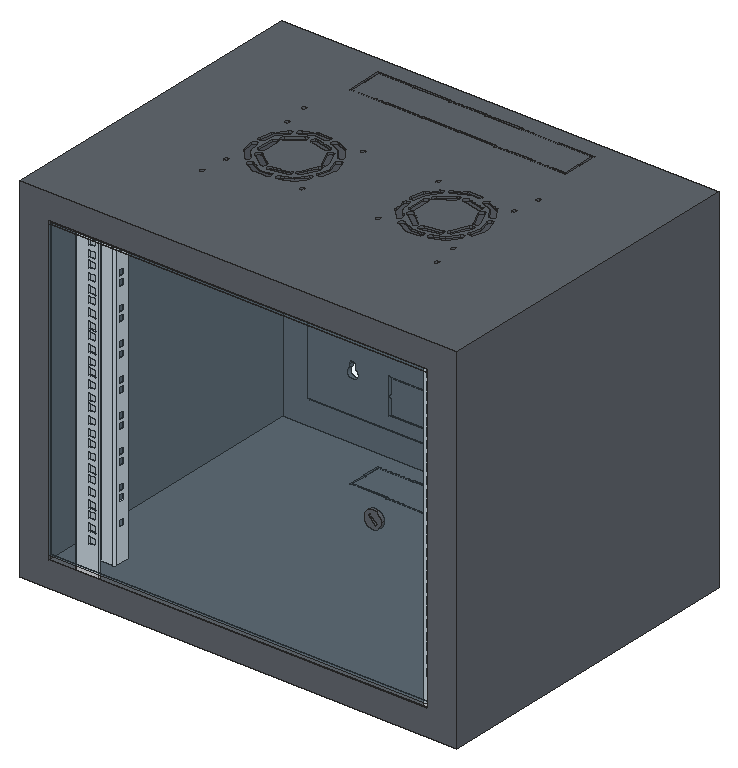
Revit family "Fix wallmount cabinets Legrand Linkeo with fix side panels", category Equipement spécialisé, Revit 2020
Family settings
  Cote de connecteur circulaire = Utiliser le diamètre
  Type d'élément = Normal
  Numéro OmniClass = 23.80.30.11.17
  Titre OmniClass = Distribution Boards and Control Panels
  Basée sur le plan de construction = Non
  Toujours verticalement = Oui
  Couper avec des vides une fois chargée = Non
  Partagée = Oui
  Point de calcul de pièce = Non
Parameters (values of type "Fix wallmount cabinet Legrand Linkeo with fix side panels 9U W600 D450 646201.rfa")
  Y fixation = 286.00 mm
  X fixation = 400.00 mm
  With sidewall = yes
  With roof plate = yes
  With earthing = yes
  Usable width (mm) = 526.00 mm
  Usable height (mm) = 422.00 mm
  Type of ventilation = "Passive"
  Type of surface = "Powder coating"
  Type of profile rail = "L-shaped"
  Rack location = 40.00 mm
  RAL Number = "7016"
  Number of height units = 9
  Number of doors = "1"
  Mounting level = "Front side"
  Modular spacing = "482.6 mm (19 inches)"
  Model = "With permanent frame"
  Max load capacity = "27"
  Material = "Steel"
  Legrand part number = "646201"
  Function = "Fix wallmount cabinets Linkeo Legrand"
  Fabricant = "Legrand"  # constant formula
  E-catalogue link = "https://www.legrand.fr/reference/646201/pro"
  Depth (mm) = 454.00 mm
  Width (mm) = 605.00 mm
  Height (mm) = 492.00 mm
  Thickness (mm) = 1.50 mm
  Elévation par défaut = 0.00 mm
  EAN = "3414970967787"
  Demountable = yes
  Degree of protection IP = "IP20"
  Degree of protection IK = "IK08"
  Color = grey
  BIM wording = "Fix wallmount cabinet Legrand Linkeo with fix side panels 9U W600 D450 646201.rfa"
  Avec porte frontale = yes
  Application class = "Network cabinets"
Reference planes
  plane 1 "Centre (avant/arrière)": y = 0
  plane 2: z = 0
  plane 3 "Centre (gauche/droite)": x = 0
  plane 4: x = 605
  plane 5: z = 492
  plane 6: y = -454
  plane 7: x = 39.5
  plane 8: x = 565.5
  plane 9: x = 302.5
  plane 10: z = 457
  plane 11: z = 35
  plane 12: z = 246
  plane 13: y = -452
  plane 14: x = 302.5
  plane 15: y = -444.5
  plane 16: y = 455.094
  plane 17: x = 1428.928
  plane 18: z = -485.313
  plane 19: x = 2466.566
  plane 20: z = 246
  plane 21: x = 302.5
  plane 22: z = 103
  plane 23: z = 389
  plane 24: x = 502.5
  plane 25: x = 102.5
  plane 26: x = 302.5
  plane 27: y = -414
  plane 28: x = 528
  plane 29: y = -412.5
  plane 30: x = 559.5
  plane 31: x = 561
  plane 32: y = -373.5
  plane 33: y = -372
  plane 34: x = 537.5
  plane 35: x = 539
  plane 36: y = -352
  plane 37: z = 46.65
  plane 38: z = 56.15
  plane 39: x = 531.5
  plane 40: x = 541
  plane 41: z = 78.4
  plane 42: z = 87.9
  plane 43: y = -358.486
  plane 44: y = -367.986
  plane 45: z = 72.03
  plane 46: z = 62.53
  plane 47: x = 77
  plane 48: y = -412.5
  plane 49: y = -373.5
  plane 50: y = -372
  plane 51: x = 67.5
  plane 52: x = 66
  plane 53: y = -352
  plane 54: z = 40
  plane 55: z = 427
  plane 56: z = 246
  plane 57: y = -454
  plane 58: y = -225
Forms (mm)
  Extrusion 1, solid, material "grey" <- "Color"
    sketch origin (0, 0, 0) x (0, 1, 0) y (0, 0, 1)
      loop
        line (-454, 0) -> (0, 0) -> (0, 492) -> (-454, 492) -> (-454, 0)
    from 0 to 605
  Extrusion 2, void
    sketch origin (0, 0, 0) x (1, 0, 0) y (0, 0, 1)
      loop
        line (2, 490) -> (2, 2) -> (603, 2) -> (603, 490) -> (2, 490)
    from 2 to 452
  Extrusion 3, void
    sketch origin (0, 0, 0) x (1, 0, 0) y (0, 0, 1)
      loop
        line (39.5, 457) -> (39.5, 35) -> (565.5, 35) -> (565.5, 457) -> (39.5, 457)
    from 0 to 454
  Extrusion 4, solid, material "Verre"
    sketch origin (0, 0, 0) x (1, 0, 0) y (0, 0, 1)
      loop
        line (39.5, 40) -> (565.5, 40) -> (565.5, 452) -> (39.5, 452) -> (39.5, 40)
    from 449 to 454
  Extrusion 5, solid, material "grey" <- "Color"
    sketch origin (0, 0, 0) x (1, 0, 0) y (0, 0, 1)
      loop
        line (39.5, 452) -> (39.5, 40) -> (565.5, 40) -> (565.5, 452) -> (39.5, 452)
    from 0 to 5
  Extrusion 6, void
    sketch origin (-365.695, -1524, 492) x (0, -1, 0) y (-1, 0, 0)
      loop
        line (-1346.24, -534.853) -> (-1354.081, -549.371)
        arc (-1354.081, -549.371) -> (-1354.476, -550.408) -> (-1354.589, -551.511) r 4.25
        line (-1354.589, -551.511) -> (-1354.121, -568.003)
        arc (-1354.121, -568.003) -> (-1349.753, -572.132) -> (-1345.624, -567.763) r 4.25
        line (-1345.624, -567.763) -> (-1346.061, -552.408) -> (-1338.76, -538.89)
        arc (-1338.76, -538.89) -> (-1340.482, -533.132) -> (-1346.24, -534.853) r 4.25
      loop
        line (-1350.631, -582.413) -> (-1344.17, -597.593)
        arc (-1344.17, -597.593) -> (-1343.605, -598.55) -> (-1342.813, -599.327) r 4.25
        line (-1342.813, -599.327) -> (-1329.627, -609.243)
        arc (-1329.627, -609.243) -> (-1323.675, -608.402) -> (-1324.517, -602.45) r 4.25
        line (-1324.517, -602.45) -> (-1336.794, -593.218) -> (-1342.809, -579.087)
        arc (-1342.809, -579.087) -> (-1348.384, -576.837) -> (-1350.631, -582.413) r 4.25
      loop
        line (-1341.896, -561.222) -> (-1336.745, -583.429)
        arc (-1336.745, -583.429) -> (-1331.646, -586.613) -> (-1328.465, -581.512) r 4.25
        line (-1328.465, -581.512) -> (-1333.616, -559.301)
        arc (-1333.616, -559.301) -> (-1338.716, -556.121) -> (-1341.896, -561.222) r 4.25
      loop
        line (-1327.307, -595.457) -> (-1306.733, -605.276)
        arc (-1306.733, -605.276) -> (-1301.063, -603.272) -> (-1303.074, -597.604) r 4.25
        line (-1303.074, -597.604) -> (-1323.645, -587.786)
        arc (-1323.645, -587.786) -> (-1329.312, -589.791) -> (-1327.307, -595.457) r 4.25
      loop
        line (-1299.11, -611.418) -> (-1313.912, -607.309)
        arc (-1313.912, -607.309) -> (-1319.143, -610.266) -> (-1316.188, -615.498) r 4.25
        line (-1316.188, -615.498) -> (-1300.284, -619.913)
        arc (-1300.284, -619.913) -> (-1299.188, -620.067) -> (-1298.089, -619.933) r 4.25
        line (-1298.089, -619.933) -> (-1282.111, -615.805)
        arc (-1282.111, -615.805) -> (-1279.059, -610.627) -> (-1284.237, -607.575) r 4.25
        line (-1284.237, -607.575) -> (-1299.11, -611.418)
      loop
        line (-1291.444, -605.396) -> (-1270.941, -595.434)
        arc (-1270.941, -595.434) -> (-1268.972, -589.752) -> (-1274.657, -587.789) r 4.25
        line (-1274.657, -587.789) -> (-1295.159, -597.751)
        arc (-1295.159, -597.751) -> (-1297.124, -603.431) -> (-1291.444, -605.396) r 4.25
      loop
        line (-1254.09, -597.811) -> (-1247.356, -582.747)
        arc (-1247.356, -582.747) -> (-1249.504, -577.132) -> (-1255.118, -579.283) r 4.25
        line (-1255.118, -579.283) -> (-1261.385, -593.302) -> (-1273.826, -602.313)
        arc (-1273.826, -602.313) -> (-1274.775, -608.248) -> (-1268.84, -609.197) r 4.25
        line (-1268.84, -609.197) -> (-1255.481, -599.522)
        arc (-1255.481, -599.522) -> (-1254.673, -598.758) -> (-1254.09, -597.811) r 4.25
      loop
        line (-1261.313, -583.55) -> (-1256.318, -561.312)
        arc (-1256.318, -561.312) -> (-1259.533, -556.231) -> (-1264.612, -559.448) r 4.25
        line (-1264.612, -559.448) -> (-1269.607, -581.692)
        arc (-1269.607, -581.692) -> (-1266.389, -586.771) -> (-1261.313, -583.55) r 4.25
      loop
        line (-1252.027, -552.513) -> (-1252.74, -567.863)
        arc (-1252.74, -567.863) -> (-1248.689, -572.301) -> (-1244.249, -568.252) r 4.25
        line (-1244.249, -568.252) -> (-1243.484, -551.774)
        arc (-1243.484, -551.774) -> (-1243.577, -550.666) -> (-1243.954, -549.621) r 4.25
        line (-1243.954, -549.621) -> (-1251.533, -534.964)
        arc (-1251.533, -534.964) -> (-1257.262, -533.142) -> (-1259.081, -538.873) r 4.25
        line (-1259.081, -538.873) -> (-1252.027, -552.513)
      loop
        line (-1259.602, -546.382) -> (-1273.877, -528.609)
        arc (-1273.877, -528.609) -> (-1279.854, -527.949) -> (-1280.509, -533.927) r 4.25
        line (-1280.509, -533.927) -> (-1266.233, -551.699)
        arc (-1266.233, -551.699) -> (-1260.258, -552.357) -> (-1259.602, -546.382) r 4.25
      loop
        line (-1260.928, -523.497) -> (-1273.333, -512.626)
        arc (-1273.333, -512.626) -> (-1274.254, -512.009) -> (-1275.303, -511.652) r 4.25
        line (-1275.303, -511.652) -> (-1291.501, -508.436)
        arc (-1291.501, -508.436) -> (-1296.493, -511.785) -> (-1293.143, -516.776) r 4.25
        line (-1293.143, -516.776) -> (-1278.083, -519.766) -> (-1266.53, -529.89)
        arc (-1266.53, -529.89) -> (-1260.533, -529.494) -> (-1260.928, -523.497) r 4.25
      loop
        line (-1306.324, -508.634) -> (-1322.558, -511.555)
        arc (-1322.558, -511.555) -> (-1323.615, -511.892) -> (-1324.548, -512.492) r 4.25
        line (-1324.548, -512.492) -> (-1337.151, -523.142)
        arc (-1337.151, -523.142) -> (-1337.654, -529.131) -> (-1331.665, -529.634) r 4.25
        line (-1331.665, -529.634) -> (-1319.932, -519.719) -> (-1304.811, -516.998)
        arc (-1304.811, -516.998) -> (-1301.384, -512.059) -> (-1306.324, -508.634) r 4.25
      loop
        line (-1287.602, -521.865) -> (-1310.399, -521.944)
        arc (-1310.399, -521.944) -> (-1314.637, -526.21) -> (-1310.367, -530.444) r 4.25
        line (-1310.367, -530.444) -> (-1287.573, -530.365)
        arc (-1287.573, -530.365) -> (-1283.338, -526.1) -> (-1287.602, -521.865) r 4.25
      loop
        line (-1324.228, -528.473) -> (-1338.379, -546.345)
        arc (-1338.379, -546.345) -> (-1337.685, -552.316) -> (-1331.715, -551.622) r 4.25
        line (-1331.715, -551.622) -> (-1317.562, -533.747)
        arc (-1317.562, -533.747) -> (-1318.257, -527.775) -> (-1324.228, -528.473) r 4.25
      loop
        line (-1243.954, -759.621) -> (-1251.533, -744.964)
        arc (-1251.533, -744.964) -> (-1257.262, -743.142) -> (-1259.081, -748.873) r 4.25
        line (-1259.081, -748.873) -> (-1252.027, -762.513) -> (-1252.74, -777.862)
        arc (-1252.74, -777.862) -> (-1248.689, -782.301) -> (-1244.249, -778.252) r 4.25
        line (-1244.249, -778.252) -> (-1243.484, -761.774)
        arc (-1243.484, -761.774) -> (-1243.577, -760.666) -> (-1243.954, -759.621) r 4.25
      loop
        line (-1254.09, -807.811) -> (-1247.356, -792.747)
        arc (-1247.356, -792.747) -> (-1249.504, -787.132) -> (-1255.118, -789.283) r 4.25
        line (-1255.118, -789.283) -> (-1261.385, -803.302) -> (-1273.826, -812.313)
        arc (-1273.826, -812.313) -> (-1274.775, -818.248) -> (-1268.84, -819.197) r 4.25
        line (-1268.84, -819.197) -> (-1255.477, -809.519)
        arc (-1255.477, -809.519) -> (-1254.671, -808.756) -> (-1254.09, -807.811) r 4.25
      loop
        line (-1284.233, -817.574) -> (-1299.11, -821.418) -> (-1313.912, -817.309)
        arc (-1313.912, -817.309) -> (-1319.143, -820.264) -> (-1316.191, -825.498) r 4.25
        line (-1316.191, -825.498) -> (-1300.294, -829.911)
        arc (-1300.294, -829.911) -> (-1299.194, -830.067) -> (-1298.092, -829.934) r 4.25
        line (-1298.092, -829.934) -> (-1282.107, -825.804)
        arc (-1282.107, -825.804) -> (-1279.059, -820.627) -> (-1284.233, -817.574) r 4.25
      loop
        line (-1324.517, -812.45) -> (-1336.794, -803.218) -> (-1342.809, -789.087)
        arc (-1342.809, -789.087) -> (-1348.384, -786.837) -> (-1350.631, -792.413) r 4.25
        line (-1350.631, -792.413) -> (-1344.169, -807.595)
        arc (-1344.169, -807.595) -> (-1343.605, -808.55) -> (-1342.813, -809.327) r 4.25
        line (-1342.813, -809.327) -> (-1329.625, -819.244)
        arc (-1329.625, -819.244) -> (-1323.674, -818.401) -> (-1324.517, -812.45) r 4.25
      loop
        line (-1349.126, -777.863) -> (-1349.39, -768.573) -> (-1338.761, -748.892)
        arc (-1338.761, -748.892) -> (-1340.48, -743.134) -> (-1346.238, -744.85) r 4.25
        line (-1346.238, -744.85) -> (-1354.082, -759.373)
        arc (-1354.082, -759.373) -> (-1354.476, -760.409) -> (-1354.589, -761.511) r 4.25
        line (-1354.589, -761.511) -> (-1354.121, -778.002)
        arc (-1354.121, -778.002) -> (-1351.554, -780.431) -> (-1349.126, -777.863) r 2.498
      loop
        line (-1331.662, -739.632) -> (-1319.932, -729.719) -> (-1304.813, -726.999)
        arc (-1304.813, -726.999) -> (-1301.383, -722.064) -> (-1306.316, -718.632) r 4.25
        line (-1306.316, -718.632) -> (-1322.555, -721.554)
        arc (-1322.555, -721.554) -> (-1323.613, -721.891) -> (-1324.548, -722.492) r 4.25
        line (-1324.548, -722.492) -> (-1337.149, -733.14)
        arc (-1337.149, -733.14) -> (-1337.654, -739.131) -> (-1331.662, -739.632) r 4.25
      loop
        line (-1293.15, -726.774) -> (-1278.083, -729.766) -> (-1266.527, -739.892)
        arc (-1266.527, -739.892) -> (-1260.532, -739.493) -> (-1260.928, -733.497) r 4.25
        line (-1260.928, -733.497) -> (-1273.335, -722.625)
        arc (-1273.335, -722.625) -> (-1274.257, -722.008) -> (-1275.308, -721.651) r 4.25
        line (-1275.308, -721.651) -> (-1291.495, -718.437)
        arc (-1291.495, -718.437) -> (-1296.491, -721.778) -> (-1293.15, -726.774) r 4.25
      loop
        line (-1280.509, -743.927) -> (-1266.233, -761.7)
        arc (-1266.233, -761.7) -> (-1260.259, -762.357) -> (-1259.602, -756.382) r 4.25
        line (-1259.602, -756.382) -> (-1273.879, -738.607)
        arc (-1273.879, -738.607) -> (-1279.855, -737.95) -> (-1280.509, -743.927) r 4.25
      loop
        line (-1264.612, -769.449) -> (-1269.607, -791.692)
        arc (-1269.607, -791.692) -> (-1266.389, -796.771) -> (-1261.313, -793.55) r 4.25
        line (-1261.313, -793.55) -> (-1256.318, -771.312)
        arc (-1256.318, -771.312) -> (-1259.533, -766.231) -> (-1264.612, -769.449) r 4.25
      loop
        line (-1274.657, -797.789) -> (-1295.165, -807.754)
        arc (-1295.165, -807.754) -> (-1297.123, -813.434) -> (-1291.444, -815.396) r 4.25
        line (-1291.444, -815.396) -> (-1270.937, -805.432)
        arc (-1270.937, -805.432) -> (-1268.973, -799.749) -> (-1274.657, -797.789) r 4.25
      loop
        line (-1287.602, -731.865) -> (-1310.398, -731.944)
        arc (-1310.398, -731.944) -> (-1314.637, -736.209) -> (-1310.368, -740.444) r 4.25
        line (-1310.368, -740.444) -> (-1287.573, -740.365)
        arc (-1287.573, -740.365) -> (-1283.338, -736.1) -> (-1287.602, -731.865) r 4.25
      loop
        line (-1324.229, -738.474) -> (-1338.379, -756.345)
        arc (-1338.379, -756.345) -> (-1337.685, -762.316) -> (-1331.715, -761.622) r 4.25
        line (-1331.715, -761.622) -> (-1317.562, -743.746)
        arc (-1317.562, -743.746) -> (-1318.257, -737.775) -> (-1324.229, -738.474) r 4.25
      loop
        line (-1341.896, -771.222) -> (-1336.746, -793.428)
        arc (-1336.746, -793.428) -> (-1331.647, -796.613) -> (-1328.465, -791.512) r 4.25
        line (-1328.465, -791.512) -> (-1333.616, -769.301)
        arc (-1333.616, -769.301) -> (-1338.716, -766.121) -> (-1341.896, -771.222) r 4.25
      loop
        line (-1327.307, -805.457) -> (-1306.732, -815.277)
        arc (-1306.732, -815.277) -> (-1301.064, -813.274) -> (-1303.069, -807.607) r 4.25
        line (-1303.069, -807.607) -> (-1323.639, -797.789)
        arc (-1323.639, -797.789) -> (-1329.31, -799.788) -> (-1327.307, -805.457) r 4.25
      loop
        circle (-1387.055, -505.695) r 2.75
      loop
        circle (-1351.557, -510.693) r 2.75
      loop
        circle (-1246.556, -510.693) r 2.75
      loop
        circle (-1211.055, -505.695) r 2.75
      loop
        circle (-1246.555, -615.695) r 2.75
      loop
        circle (-1351.555, -615.695) r 2.75
      loop
        circle (-1351.557, -720.693) r 2.75
      loop
        circle (-1246.555, -720.695) r 2.75
      loop
        circle (-1246.555, -825.695) r 2.75
      loop
        circle (-1211.055, -830.695) r 2.75
      loop
        circle (-1351.555, -825.695) r 2.75
      loop
        circle (-1387.055, -830.695) r 2.75
    from 0 to 2
  Extrusion 7, void
    sketch origin (0, 0, 492) x (1, 0, 0) y (0, -1, 0)
      loop
        line (152.5, 24) -> (201.75, 24) -> (201.75, 27) -> (155.5, 27) -> (155.5, 48.25) -> (152.5, 48.25) -> (152.5, 24)
      loop
        line (452.5, 49.75) -> (452.5, 74) -> (403.25, 74) -> (403.25, 71) -> (449.5, 71) -> (449.5, 49.75) -> (452.5, 49.75)
      loop
        line (403.25, 24) -> (452.5, 24) -> (452.5, 48.25) -> (449.5, 48.25) -> (449.5, 27) -> (403.25, 27) -> (403.25, 24)
      loop
        line (203.25, 71) -> (251.75, 71) -> (251.75, 74) -> (203.25, 74) -> (203.25, 71)
      loop
        line (152.5, 49.75) -> (155.5, 49.75) -> (155.5, 71) -> (201.75, 71) -> (201.75, 74) -> (152.5, 74) -> (152.5, 49.75)
      loop
        line (253.25, 74) -> (253.25, 71) -> (301.75, 71) -> (301.75, 74) -> (253.25, 74)
      loop
        line (351.75, 71) -> (351.75, 74) -> (303.25, 74) -> (303.25, 71) -> (351.75, 71)
      loop
        line (353.25, 74) -> (353.25, 71) -> (401.75, 71) -> (401.75, 74) -> (353.25, 74)
      loop
        line (351.75, 27) -> (303.25, 27) -> (303.25, 24) -> (351.75, 24) -> (351.75, 27)
      loop
        line (353.25, 27) -> (353.25, 24) -> (401.75, 24) -> (401.75, 27) -> (353.25, 27)
      loop
        line (251.75, 27) -> (203.25, 27) -> (203.25, 24) -> (251.75, 24) -> (251.75, 27)
      loop
        line (253.25, 27) -> (253.25, 24) -> (301.75, 24) -> (301.75, 27) -> (253.25, 27)
    from 0 to 2
  Extrusion 8, void
    sketch origin (0, -150, 0) x (1, 0, 0) y (0, 1, 0)
      loop
        line (152.5, 126) -> (152.5, 101.75) -> (155.5, 101.75) -> (155.5, 123) -> (201.75, 123) -> (201.75, 126) -> (152.5, 126)
      loop
        line (452.5, 100.25) -> (449.5, 100.25) -> (449.5, 79) -> (403.25, 79) -> (403.25, 76) -> (452.5, 76) -> (452.5, 100.25)
      loop
        line (403.25, 126) -> (403.25, 123) -> (449.5, 123) -> (449.5, 101.75) -> (452.5, 101.75) -> (452.5, 126) -> (403.25, 126)
      loop
        line (203.25, 79) -> (203.25, 76) -> (251.75, 76) -> (251.75, 79) -> (203.25, 79)
      loop
        line (152.5, 100.25) -> (152.5, 76) -> (201.75, 76) -> (201.75, 79) -> (155.5, 79) -> (155.5, 100.25) -> (152.5, 100.25)
      loop
        line (253.25, 76) -> (301.75, 76) -> (301.75, 79) -> (253.25, 79) -> (253.25, 76)
      loop
        line (351.75, 79) -> (303.25, 79) -> (303.25, 76) -> (351.75, 76) -> (351.75, 79)
      loop
        line (353.25, 76) -> (401.75, 76) -> (401.75, 79) -> (353.25, 79) -> (353.25, 76)
      loop
        line (351.75, 123) -> (351.75, 126) -> (303.25, 126) -> (303.25, 123) -> (351.75, 123)
      loop
        line (353.25, 123) -> (401.75, 123) -> (401.75, 126) -> (353.25, 126) -> (353.25, 123)
      loop
        line (251.75, 123) -> (251.75, 126) -> (203.25, 126) -> (203.25, 123) -> (251.75, 123)
      loop
        line (253.25, 123) -> (301.75, 123) -> (301.75, 126) -> (253.25, 126) -> (253.25, 123)
    from 0 to 2
  Extrusion 9, void
    sketch origin (0, 0, 0) x (1, 0, 0) y (0, 0, 1)
      loop
        line (106.751, 383.931) -> (106.751, 389)
        arc (106.751, 389) -> (102.5, 393.251) -> (98.249, 389) r 4.251
        line (98.249, 389) -> (98.249, 383.931)
        arc (98.249, 383.931) -> (102.5, 370.252) -> (106.751, 383.931) r 7.5
      loop
        line (506.751, 383.931) -> (506.751, 389)
        arc (506.751, 389) -> (502.5, 393.251) -> (498.249, 389) r 4.251
        line (498.249, 389) -> (498.249, 383.931)
        arc (498.249, 383.931) -> (502.5, 370.252) -> (506.751, 383.931) r 7.5
    from -12.009 to 5
  Extrusion 10, solid
    sketch origin (603, 0, 2) x (-1, 0, 0) y (0, -1, 0)
      loop
        line (75, 412.5) -> (75, 414) -> (45, 414)
        arc (45, 414) -> (42.879, 413.121) -> (42, 411) r 3
        line (42, 411) -> (42, 375)
        arc (42, 375) -> (42.879, 372.879) -> (45, 372) r 3
        line (45, 372) -> (62.5, 372)
        arc (62.5, 372) -> (63.561, 371.561) -> (64, 370.5) r 1.5
        line (64, 370.5) -> (64, 352) -> (65.5, 352) -> (65.5, 370.5)
        arc (65.5, 370.5) -> (64.621, 372.621) -> (62.5, 373.5) r 3
        line (62.5, 373.5) -> (45, 373.5)
        arc (45, 373.5) -> (43.939, 373.939) -> (43.5, 375) r 1.5
        line (43.5, 375) -> (43.5, 411)
        arc (43.5, 411) -> (43.939, 412.061) -> (45, 412.5) r 1.5
        line (45, 412.5) -> (75, 412.5)
    from 0 to 488
  Extrusion 11, void
    sketch origin (528, -414, 2) x (-1, 0, 0) y (0, 0, 1)
      loop
        line (-3.5, 44.65) -> (-3.5, 54.15) -> (-13, 54.15) -> (-13, 44.65) -> (-3.5, 44.65)
      loop
        line (-3.5, 76.4) -> (-3.5, 85.9) -> (-13, 85.9) -> (-13, 76.4) -> (-3.5, 76.4)
    from 0 to 1.5
  Extrusion 12, void
    sketch origin (528, -414, 2) x (-1, 0, 0) y (0, 0, 1)
      loop
        line (-3.5, 60.53) -> (-3.5, 70.03) -> (-13, 70.03) -> (-13, 60.53) -> (-3.5, 60.53)
    from 0 to 1.5
  Extrusion 13, solid
    sketch origin (13.243, 0, 2) x (1, 0, 0) y (0, 1, 0)
      loop
        line (63.757, -412.5) -> (33.757, -412.5)
        arc (33.757, -412.5) -> (32.697, -412.061) -> (32.257, -411) r 1.5
        line (32.257, -411) -> (32.257, -375)
        arc (32.257, -375) -> (32.697, -373.939) -> (33.757, -373.5) r 1.5
        line (33.757, -373.5) -> (51.257, -373.5)
        arc (51.257, -373.5) -> (53.379, -372.621) -> (54.257, -370.5) r 3
        line (54.257, -370.5) -> (54.257, -352) -> (52.757, -352) -> (52.757, -370.5)
        arc (52.757, -370.5) -> (52.318, -371.561) -> (51.257, -372) r 1.5
        line (51.257, -372) -> (33.757, -372)
        arc (33.757, -372) -> (31.636, -372.879) -> (30.757, -375) r 3
        line (30.757, -375) -> (30.757, -411)
        arc (30.757, -411) -> (31.636, -413.121) -> (33.757, -414) r 3
        line (33.757, -414) -> (63.757, -414) -> (63.757, -412.5)
    from 0 to 488
  Extrusion 14, void, not visible
    sketch origin (0, 0, 94.83) x (0, 0, -1) y (1, 0, 0)
      loop
        line (-56.37, 452.5) -> (-80.62, 452.5) -> (-80.62, 449.5) -> (-59.37, 449.5) -> (-59.37, 403.25) -> (-56.37, 403.25) -> (-56.37, 452.5)
      loop
        line (-106.37, 403.25) -> (-103.37, 403.25) -> (-103.37, 449.5) -> (-82.12, 449.5) -> (-82.12, 452.5) -> (-106.37, 452.5) -> (-106.37, 403.25)
      loop
        line (-106.37, 401.75) -> (-106.37, 353.25) -> (-103.37, 353.25) -> (-103.37, 401.75) -> (-106.37, 401.75)
      loop
        line (-106.37, 351.75) -> (-106.37, 303.25) -> (-103.37, 303.25) -> (-103.37, 351.75) -> (-106.37, 351.75)
      loop
        line (-106.37, 301.75) -> (-106.37, 253.25) -> (-103.37, 253.25) -> (-103.37, 301.75) -> (-106.37, 301.75)
      loop
        line (-106.37, 251.75) -> (-106.37, 203.25) -> (-103.37, 203.25) -> (-103.37, 251.75) -> (-106.37, 251.75)
      loop
        line (-106.37, 201.75) -> (-106.37, 152.5) -> (-82.12, 152.5) -> (-82.12, 155.5) -> (-103.37, 155.5) -> (-103.37, 201.75) -> (-106.37, 201.75)
      loop
        line (-80.62, 152.5) -> (-56.37, 152.5) -> (-56.37, 201.75) -> (-59.37, 201.75) -> (-59.37, 155.5) -> (-80.62, 155.5) -> (-80.62, 152.5)
      loop
        line (-56.37, 203.25) -> (-56.37, 251.75) -> (-59.37, 251.75) -> (-59.37, 203.25) -> (-56.37, 203.25)
      loop
        line (-56.37, 253.25) -> (-56.37, 301.75) -> (-59.37, 301.75) -> (-59.37, 253.25) -> (-56.37, 253.25)
      loop
        line (-56.37, 351.75) -> (-59.37, 351.75) -> (-59.37, 303.25) -> (-56.37, 303.25) -> (-56.37, 351.75)
      loop
        line (-56.37, 353.25) -> (-56.37, 401.75) -> (-59.37, 401.75) -> (-59.37, 353.25) -> (-56.37, 353.25)
    from 0 to 5
  Extrusion 15, void
    sketch origin (0, 0, -152) x (1, 0, 0) y (0, 0, 1)
      loop
        line (106.751, 249.931) -> (106.751, 255)
        arc (106.751, 255) -> (102.5, 259.251) -> (98.249, 255) r 4.251
        line (98.249, 255) -> (98.249, 249.931)
        arc (98.249, 249.931) -> (102.5, 236.252) -> (106.751, 249.931) r 7.5
      loop
        line (506.751, 249.931) -> (506.751, 255)
        arc (506.751, 255) -> (502.5, 259.251) -> (498.249, 255) r 4.251
        line (498.249, 255) -> (498.249, 249.931)
        arc (498.249, 249.931) -> (502.5, 236.252) -> (506.751, 249.931) r 7.5
    from -12.009 to 5
  Extrusion 16, void
    sketch origin (60.5, -414, 2) x (-1, 0, 0) y (0, 0, 1)
      loop
        line (-3.5, 44.65) -> (-3.5, 54.15) -> (-13, 54.15) -> (-13, 44.65) -> (-3.5, 44.65)
      loop
        line (-3.5, 76.4) -> (-3.5, 85.9) -> (-13, 85.9) -> (-13, 76.4) -> (-3.5, 76.4)
    from 0 to 1.5
  Extrusion 17, void
    sketch origin (60.5, -414, 2) x (-1, 0, 0) y (0, 0, 1)
      loop
        line (-3.5, 60.53) -> (-3.5, 70.03) -> (-13, 70.03) -> (-13, 60.53) -> (-3.5, 60.53)
    from 0 to 1.5
  Extrusion 18, void, not visible
    sketch origin (528, -414, 2) x (-1, 0, 0) y (0, 0, 1)
      loop
        line (-3.5, 44.65) -> (-3.5, 54.15) -> (-13, 54.15) -> (-13, 44.65) -> (-3.5, 44.65)
      loop
        line (-3.5, 76.4) -> (-3.5, 85.9) -> (-13, 85.9) -> (-13, 76.4) -> (-3.5, 76.4)
    from 0 to 1.5
  Extrusion 19, void, not visible
    sketch origin (528, -414, 2) x (-1, 0, 0) y (0, 0, 1)
      loop
        line (-3.5, 60.53) -> (-3.5, 70.03) -> (-13, 70.03) -> (-13, 60.53) -> (-3.5, 60.53)
    from 0 to 1.5
  Extrusion 20, void
    sketch origin (528, -414, 46.45) x (-1, 0, 0) y (0, 0, 1)
      loop
        line (-3.5, 44.65) -> (-3.5, 54.15) -> (-13, 54.15) -> (-13, 44.65) -> (-3.5, 44.65)
      loop
        line (-3.5, 76.4) -> (-3.5, 85.9) -> (-13, 85.9) -> (-13, 76.4) -> (-3.5, 76.4)
    from 0 to 1.5
  Extrusion 21, void
    sketch origin (528, -414, 46.45) x (-1, 0, 0) y (0, 0, 1)
      loop
        line (-3.5, 60.53) -> (-3.5, 70.03) -> (-13, 70.03) -> (-13, 60.53) -> (-3.5, 60.53)
    from 0 to 1.5
  Extrusion 22, void
    sketch origin (60.5, -414, 46.45) x (-1, 0, 0) y (0, 0, 1)
      loop
        line (-3.5, 44.65) -> (-3.5, 54.15) -> (-13, 54.15) -> (-13, 44.65) -> (-3.5, 44.65)
      loop
        line (-3.5, 76.4) -> (-3.5, 85.9) -> (-13, 85.9) -> (-13, 76.4) -> (-3.5, 76.4)
    from 0 to 1.5
  Extrusion 23, void
    sketch origin (60.5, -414, 46.45) x (-1, 0, 0) y (0, 0, 1)
      loop
        line (-3.5, 60.53) -> (-3.5, 70.03) -> (-13, 70.03) -> (-13, 60.53) -> (-3.5, 60.53)
    from 0 to 1.5
  Extrusion 24, void
    sketch origin (528, -414, 90.9) x (-1, 0, 0) y (0, 0, 1)
      loop
        line (-3.5, 44.65) -> (-3.5, 54.15) -> (-13, 54.15) -> (-13, 44.65) -> (-3.5, 44.65)
      loop
        line (-3.5, 76.4) -> (-3.5, 85.9) -> (-13, 85.9) -> (-13, 76.4) -> (-3.5, 76.4)
    from 0 to 1.5
  Extrusion 25, void
    sketch origin (528, -414, 90.9) x (-1, 0, 0) y (0, 0, 1)
      loop
        line (-3.5, 60.53) -> (-3.5, 70.03) -> (-13, 70.03) -> (-13, 60.53) -> (-3.5, 60.53)
    from 0 to 1.5
  Extrusion 26, void
    sketch origin (60.5, -414, 90.9) x (-1, 0, 0) y (0, 0, 1)
      loop
        line (-3.5, 44.65) -> (-3.5, 54.15) -> (-13, 54.15) -> (-13, 44.65) -> (-3.5, 44.65)
      loop
        line (-3.5, 76.4) -> (-3.5, 85.9) -> (-13, 85.9) -> (-13, 76.4) -> (-3.5, 76.4)
    from 0 to 1.5
  Extrusion 27, void
    sketch origin (60.5, -414, 90.9) x (-1, 0, 0) y (0, 0, 1)
      loop
        line (-3.5, 60.53) -> (-3.5, 70.03) -> (-13, 70.03) -> (-13, 60.53) -> (-3.5, 60.53)
    from 0 to 1.5
  Extrusion 28, void
    sketch origin (528, -414, 135.35) x (-1, 0, 0) y (0, 0, 1)
      loop
        line (-3.5, 44.65) -> (-3.5, 54.15) -> (-13, 54.15) -> (-13, 44.65) -> (-3.5, 44.65)
      loop
        line (-3.5, 76.4) -> (-3.5, 85.9) -> (-13, 85.9) -> (-13, 76.4) -> (-3.5, 76.4)
    from 0 to 1.5
  Extrusion 29, void
    sketch origin (528, -414, 135.35) x (-1, 0, 0) y (0, 0, 1)
      loop
        line (-3.5, 60.53) -> (-3.5, 70.03) -> (-13, 70.03) -> (-13, 60.53) -> (-3.5, 60.53)
    from 0 to 1.5
  Extrusion 30, void
    sketch origin (60.5, -414, 135.35) x (-1, 0, 0) y (0, 0, 1)
      loop
        line (-3.5, 44.65) -> (-3.5, 54.15) -> (-13, 54.15) -> (-13, 44.65) -> (-3.5, 44.65)
      loop
        line (-3.5, 76.4) -> (-3.5, 85.9) -> (-13, 85.9) -> (-13, 76.4) -> (-3.5, 76.4)
    from 0 to 1.5
  Extrusion 31, void
    sketch origin (60.5, -414, 135.35) x (-1, 0, 0) y (0, 0, 1)
      loop
        line (-3.5, 60.53) -> (-3.5, 70.03) -> (-13, 70.03) -> (-13, 60.53) -> (-3.5, 60.53)
    from 0 to 1.5
  Extrusion 32, void
    sketch origin (528, -414, 179.8) x (-1, 0, 0) y (0, 0, 1)
      loop
        line (-3.5, 44.65) -> (-3.5, 54.15) -> (-13, 54.15) -> (-13, 44.65) -> (-3.5, 44.65)
      loop
        line (-3.5, 76.4) -> (-3.5, 85.9) -> (-13, 85.9) -> (-13, 76.4) -> (-3.5, 76.4)
    from 0 to 1.5
  Extrusion 33, void
    sketch origin (528, -414, 179.8) x (-1, 0, 0) y (0, 0, 1)
      loop
        line (-3.5, 60.53) -> (-3.5, 70.03) -> (-13, 70.03) -> (-13, 60.53) -> (-3.5, 60.53)
    from 0 to 1.5
  Extrusion 34, void
    sketch origin (60.5, -414, 179.8) x (-1, 0, 0) y (0, 0, 1)
      loop
        line (-3.5, 44.65) -> (-3.5, 54.15) -> (-13, 54.15) -> (-13, 44.65) -> (-3.5, 44.65)
      loop
        line (-3.5, 76.4) -> (-3.5, 85.9) -> (-13, 85.9) -> (-13, 76.4) -> (-3.5, 76.4)
    from 0 to 1.5
  Extrusion 35, void
    sketch origin (60.5, -414, 179.8) x (-1, 0, 0) y (0, 0, 1)
      loop
        line (-3.5, 60.53) -> (-3.5, 70.03) -> (-13, 70.03) -> (-13, 60.53) -> (-3.5, 60.53)
    from 0 to 1.5
  Extrusion 36, void
    sketch origin (528, -414, 224.25) x (-1, 0, 0) y (0, 0, 1)
      loop
        line (-3.5, 44.65) -> (-3.5, 54.15) -> (-13, 54.15) -> (-13, 44.65) -> (-3.5, 44.65)
      loop
        line (-3.5, 76.4) -> (-3.5, 85.9) -> (-13, 85.9) -> (-13, 76.4) -> (-3.5, 76.4)
    from 0 to 1.5
  Extrusion 37, void
    sketch origin (528, -414, 224.25) x (-1, 0, 0) y (0, 0, 1)
      loop
        line (-3.5, 60.53) -> (-3.5, 70.03) -> (-13, 70.03) -> (-13, 60.53) -> (-3.5, 60.53)
    from 0 to 1.5
  Extrusion 38, void
    sketch origin (60.5, -414, 224.25) x (-1, 0, 0) y (0, 0, 1)
      loop
        line (-3.5, 44.65) -> (-3.5, 54.15) -> (-13, 54.15) -> (-13, 44.65) -> (-3.5, 44.65)
      loop
        line (-3.5, 76.4) -> (-3.5, 85.9) -> (-13, 85.9) -> (-13, 76.4) -> (-3.5, 76.4)
    from 0 to 1.5
  Extrusion 39, void
    sketch origin (60.5, -414, 224.25) x (-1, 0, 0) y (0, 0, 1)
      loop
        line (-3.5, 60.53) -> (-3.5, 70.03) -> (-13, 70.03) -> (-13, 60.53) -> (-3.5, 60.53)
    from 0 to 1.5
  Extrusion 40, void
    sketch origin (0, 0, 0) x (0, 1, 0) y (0, 0, 1)
      loop
        line (-367.986, 87.9) -> (-367.986, 78.4) -> (-358.486, 78.4) -> (-358.486, 87.9) -> (-367.986, 87.9)
    from 539 to 66
  Extrusion 41, void
    sketch origin (0, 0, -31.75) x (0, 1, 0) y (0, 0, 1)
      loop
        line (-367.986, 87.9) -> (-367.986, 78.4) -> (-358.486, 78.4) -> (-358.486, 87.9) -> (-367.986, 87.9)
    from 539 to 66
  Extrusion 42, void
    sketch origin (0, 0, 44.45) x (0, 1, 0) y (0, 0, 1)
      loop
        line (-367.986, 87.9) -> (-367.986, 78.4) -> (-358.486, 78.4) -> (-358.486, 87.9) -> (-367.986, 87.9)
    from 539 to 66
  Extrusion 43, void
    sketch origin (0, 0, 12.7) x (0, 1, 0) y (0, 0, 1)
      loop
        line (-367.986, 87.9) -> (-367.986, 78.4) -> (-358.486, 78.4) -> (-358.486, 87.9) -> (-367.986, 87.9)
    from 539 to 66
  Extrusion 44, void
    sketch origin (0, 0, 88.9) x (0, 1, 0) y (0, 0, 1)
      loop
        line (-367.986, 87.9) -> (-367.986, 78.4) -> (-358.486, 78.4) -> (-358.486, 87.9) -> (-367.986, 87.9)
    from 539 to 66
  Extrusion 45, void
    sketch origin (0, 0, 57.15) x (0, 1, 0) y (0, 0, 1)
      loop
        line (-367.986, 87.9) -> (-367.986, 78.4) -> (-358.486, 78.4) -> (-358.486, 87.9) -> (-367.986, 87.9)
    from 539 to 66
  Extrusion 46, void
    sketch origin (0, 0, 133.35) x (0, 1, 0) y (0, 0, 1)
      loop
        line (-367.986, 87.9) -> (-367.986, 78.4) -> (-358.486, 78.4) -> (-358.486, 87.9) -> (-367.986, 87.9)
    from 539 to 66
  Extrusion 47, void
    sketch origin (0, 0, 101.6) x (0, 1, 0) y (0, 0, 1)
      loop
        line (-367.986, 87.9) -> (-367.986, 78.4) -> (-358.486, 78.4) -> (-358.486, 87.9) -> (-367.986, 87.9)
    from 539 to 66
  Extrusion 48, void
    sketch origin (0, 0, 177.8) x (0, 1, 0) y (0, 0, 1)
      loop
        line (-367.986, 87.9) -> (-367.986, 78.4) -> (-358.486, 78.4) -> (-358.486, 87.9) -> (-367.986, 87.9)
    from 539 to 66
  Extrusion 49, void
    sketch origin (0, 0, 146.05) x (0, 1, 0) y (0, 0, 1)
      loop
        line (-367.986, 87.9) -> (-367.986, 78.4) -> (-358.486, 78.4) -> (-358.486, 87.9) -> (-367.986, 87.9)
    from 539 to 66
  Extrusion 50, void
    sketch origin (0, 0, 222.25) x (0, 1, 0) y (0, 0, 1)
      loop
        line (-367.986, 87.9) -> (-367.986, 78.4) -> (-358.486, 78.4) -> (-358.486, 87.9) -> (-367.986, 87.9)
    from 539 to 66
  Extrusion 51, void
    sketch origin (0, 0, 190.5) x (0, 1, 0) y (0, 0, 1)
      loop
        line (-367.986, 87.9) -> (-367.986, 78.4) -> (-358.486, 78.4) -> (-358.486, 87.9) -> (-367.986, 87.9)
    from 539 to 66
  Extrusion 52, void
    sketch origin (0, 0, 0) x (0, 0, -1) y (1, 0, 0)
      loop
        line (-56.37, 452.5) -> (-80.62, 452.5) -> (-80.62, 449.5) -> (-59.37, 449.5) -> (-59.37, 403.25) -> (-56.37, 403.25) -> (-56.37, 452.5)
      loop
        line (-106.37, 403.25) -> (-103.37, 403.25) -> (-103.37, 449.5) -> (-82.12, 449.5) -> (-82.12, 452.5) -> (-106.37, 452.5) -> (-106.37, 403.25)
      loop
        line (-106.37, 401.75) -> (-106.37, 353.25) -> (-103.37, 353.25) -> (-103.37, 401.75) -> (-106.37, 401.75)
      loop
        line (-106.37, 351.75) -> (-106.37, 303.25) -> (-103.37, 303.25) -> (-103.37, 351.75) -> (-106.37, 351.75)
      loop
        line (-106.37, 301.75) -> (-106.37, 253.25) -> (-103.37, 253.25) -> (-103.37, 301.75) -> (-106.37, 301.75)
      loop
        line (-106.37, 251.75) -> (-106.37, 203.25) -> (-103.37, 203.25) -> (-103.37, 251.75) -> (-106.37, 251.75)
      loop
        line (-106.37, 201.75) -> (-106.37, 152.5) -> (-82.12, 152.5) -> (-82.12, 155.5) -> (-103.37, 155.5) -> (-103.37, 201.75) -> (-106.37, 201.75)
      loop
        line (-80.62, 152.5) -> (-56.37, 152.5) -> (-56.37, 201.75) -> (-59.37, 201.75) -> (-59.37, 155.5) -> (-80.62, 155.5) -> (-80.62, 152.5)
      loop
        line (-56.37, 203.25) -> (-56.37, 251.75) -> (-59.37, 251.75) -> (-59.37, 203.25) -> (-56.37, 203.25)
      loop
        line (-56.37, 253.25) -> (-56.37, 301.75) -> (-59.37, 301.75) -> (-59.37, 253.25) -> (-56.37, 253.25)
      loop
        line (-56.37, 351.75) -> (-59.37, 351.75) -> (-59.37, 303.25) -> (-56.37, 303.25) -> (-56.37, 351.75)
      loop
        line (-56.37, 353.25) -> (-56.37, 401.75) -> (-59.37, 401.75) -> (-59.37, 353.25) -> (-56.37, 353.25)
    from 0 to 5
  Extrusion 53, solid, material "grey" <- "Color"
    sketch origin (-146.246, -454, -225.529) x (1, 0, 0) y (0, 0, 1)
      loop
        circle (638.746, 471.529) r 12
    from 0 to 4
  Extrusion 54, void
    sketch origin (-145.626, -458, -225.694) x (-1, 0, 0) y (0, 0, 1)
      loop
        line (-631.856, 476.03) -> (-633.789, 477.963) -> (-644.395, 467.357) -> (-642.463, 465.424) -> (-631.856, 476.03)
    from 0 to 2
  Extrusion 55, solid, material "grey" <- "Color", not visible
    sketch origin (50.423, -454, -159.029) x (1, 0, 0) y (0, 0, 1)
      loop
        circle (638.746, 471.529) r 12
    from 0 to 4
  Extrusion 56, void, not visible
    sketch origin (51.043, -458, -159.194) x (-1, 0, 0) y (0, 0, 1)
      loop
        line (-631.856, 476.03) -> (-633.789, 477.963) -> (-644.395, 467.357) -> (-642.463, 465.424) -> (-631.856, 476.03)
    from 0 to 2
  Extrusion 57, void, not visible
    sketch origin (-365.695, -1640.805, 359) x (0, -1, 0) y (-1, 0, 0)
      loop
        line (-1346.24, -534.853) -> (-1354.081, -549.371)
        arc (-1354.081, -549.371) -> (-1354.476, -550.408) -> (-1354.589, -551.511) r 4.25
        line (-1354.589, -551.511) -> (-1354.121, -568.003)
        arc (-1354.121, -568.003) -> (-1349.753, -572.132) -> (-1345.624, -567.763) r 4.25
        line (-1345.624, -567.763) -> (-1346.061, -552.408) -> (-1338.76, -538.89)
        arc (-1338.76, -538.89) -> (-1340.482, -533.132) -> (-1346.24, -534.853) r 4.25
      loop
        line (-1350.631, -582.413) -> (-1344.17, -597.593)
        arc (-1344.17, -597.593) -> (-1343.605, -598.55) -> (-1342.813, -599.327) r 4.25
        line (-1342.813, -599.327) -> (-1329.627, -609.243)
        arc (-1329.627, -609.243) -> (-1323.675, -608.402) -> (-1324.517, -602.45) r 4.25
        line (-1324.517, -602.45) -> (-1336.794, -593.218) -> (-1342.809, -579.087)
        arc (-1342.809, -579.087) -> (-1348.384, -576.837) -> (-1350.631, -582.413) r 4.25
      loop
        line (-1341.896, -561.222) -> (-1336.745, -583.429)
        arc (-1336.745, -583.429) -> (-1331.646, -586.613) -> (-1328.465, -581.512) r 4.25
        line (-1328.465, -581.512) -> (-1333.616, -559.301)
        arc (-1333.616, -559.301) -> (-1338.716, -556.121) -> (-1341.896, -561.222) r 4.25
      loop
        line (-1327.307, -595.457) -> (-1306.733, -605.276)
        arc (-1306.733, -605.276) -> (-1301.063, -603.272) -> (-1303.074, -597.604) r 4.25
        line (-1303.074, -597.604) -> (-1323.645, -587.786)
        arc (-1323.645, -587.786) -> (-1329.312, -589.791) -> (-1327.307, -595.457) r 4.25
      loop
        line (-1299.11, -611.418) -> (-1313.912, -607.309)
        arc (-1313.912, -607.309) -> (-1319.143, -610.266) -> (-1316.188, -615.498) r 4.25
        line (-1316.188, -615.498) -> (-1300.284, -619.913)
        arc (-1300.284, -619.913) -> (-1299.188, -620.067) -> (-1298.089, -619.933) r 4.25
        line (-1298.089, -619.933) -> (-1282.111, -615.805)
        arc (-1282.111, -615.805) -> (-1279.059, -610.627) -> (-1284.237, -607.575) r 4.25
        line (-1284.237, -607.575) -> (-1299.11, -611.418)
      loop
        line (-1291.444, -605.396) -> (-1270.941, -595.434)
        arc (-1270.941, -595.434) -> (-1268.972, -589.752) -> (-1274.657, -587.789) r 4.25
        line (-1274.657, -587.789) -> (-1295.159, -597.751)
        arc (-1295.159, -597.751) -> (-1297.124, -603.431) -> (-1291.444, -605.396) r 4.25
      loop
        line (-1254.09, -597.811) -> (-1247.356, -582.747)
        arc (-1247.356, -582.747) -> (-1249.504, -577.132) -> (-1255.118, -579.283) r 4.25
        line (-1255.118, -579.283) -> (-1261.385, -593.302) -> (-1273.826, -602.313)
        arc (-1273.826, -602.313) -> (-1274.775, -608.248) -> (-1268.84, -609.197) r 4.25
        line (-1268.84, -609.197) -> (-1255.481, -599.522)
        arc (-1255.481, -599.522) -> (-1254.673, -598.758) -> (-1254.09, -597.811) r 4.25
      loop
        line (-1261.313, -583.55) -> (-1256.318, -561.312)
        arc (-1256.318, -561.312) -> (-1259.533, -556.231) -> (-1264.612, -559.448) r 4.25
        line (-1264.612, -559.448) -> (-1269.607, -581.692)
        arc (-1269.607, -581.692) -> (-1266.389, -586.771) -> (-1261.313, -583.55) r 4.25
      loop
        line (-1252.027, -552.513) -> (-1252.74, -567.863)
        arc (-1252.74, -567.863) -> (-1248.689, -572.301) -> (-1244.249, -568.252) r 4.25
        line (-1244.249, -568.252) -> (-1243.484, -551.774)
        arc (-1243.484, -551.774) -> (-1243.577, -550.666) -> (-1243.954, -549.621) r 4.25
        line (-1243.954, -549.621) -> (-1251.533, -534.964)
        arc (-1251.533, -534.964) -> (-1257.262, -533.142) -> (-1259.081, -538.873) r 4.25
        line (-1259.081, -538.873) -> (-1252.027, -552.513)
      loop
        line (-1259.602, -546.382) -> (-1273.877, -528.609)
        arc (-1273.877, -528.609) -> (-1279.854, -527.949) -> (-1280.509, -533.927) r 4.25
        line (-1280.509, -533.927) -> (-1266.233, -551.699)
        arc (-1266.233, -551.699) -> (-1260.258, -552.357) -> (-1259.602, -546.382) r 4.25
      loop
        line (-1260.928, -523.497) -> (-1273.333, -512.626)
        arc (-1273.333, -512.626) -> (-1274.254, -512.009) -> (-1275.303, -511.652) r 4.25
        line (-1275.303, -511.652) -> (-1291.501, -508.436)
        arc (-1291.501, -508.436) -> (-1296.493, -511.785) -> (-1293.143, -516.776) r 4.25
        line (-1293.143, -516.776) -> (-1278.083, -519.766) -> (-1266.53, -529.89)
        arc (-1266.53, -529.89) -> (-1260.533, -529.494) -> (-1260.928, -523.497) r 4.25
      loop
        line (-1306.324, -508.634) -> (-1322.558, -511.555)
        arc (-1322.558, -511.555) -> (-1323.615, -511.892) -> (-1324.548, -512.492) r 4.25
        line (-1324.548, -512.492) -> (-1337.151, -523.142)
        arc (-1337.151, -523.142) -> (-1337.654, -529.131) -> (-1331.665, -529.634) r 4.25
        line (-1331.665, -529.634) -> (-1319.932, -519.719) -> (-1304.811, -516.998)
        arc (-1304.811, -516.998) -> (-1301.384, -512.059) -> (-1306.324, -508.634) r 4.25
      loop
        line (-1287.602, -521.865) -> (-1310.399, -521.944)
        arc (-1310.399, -521.944) -> (-1314.637, -526.21) -> (-1310.367, -530.444) r 4.25
        line (-1310.367, -530.444) -> (-1287.573, -530.365)
        arc (-1287.573, -530.365) -> (-1283.338, -526.1) -> (-1287.602, -521.865) r 4.25
      loop
        line (-1324.228, -528.473) -> (-1338.379, -546.345)
        arc (-1338.379, -546.345) -> (-1337.685, -552.316) -> (-1331.715, -551.622) r 4.25
        line (-1331.715, -551.622) -> (-1317.562, -533.747)
        arc (-1317.562, -533.747) -> (-1318.257, -527.775) -> (-1324.228, -528.473) r 4.25
      loop
        line (-1243.954, -759.621) -> (-1251.533, -744.964)
        arc (-1251.533, -744.964) -> (-1257.262, -743.142) -> (-1259.081, -748.873) r 4.25
        line (-1259.081, -748.873) -> (-1252.027, -762.513) -> (-1252.74, -777.862)
        arc (-1252.74, -777.862) -> (-1248.689, -782.301) -> (-1244.249, -778.252) r 4.25
        line (-1244.249, -778.252) -> (-1243.484, -761.774)
        arc (-1243.484, -761.774) -> (-1243.577, -760.666) -> (-1243.954, -759.621) r 4.25
      loop
        line (-1254.09, -807.811) -> (-1247.356, -792.747)
        arc (-1247.356, -792.747) -> (-1249.504, -787.132) -> (-1255.118, -789.283) r 4.25
        line (-1255.118, -789.283) -> (-1261.385, -803.302) -> (-1273.826, -812.313)
        arc (-1273.826, -812.313) -> (-1274.775, -818.248) -> (-1268.84, -819.197) r 4.25
        line (-1268.84, -819.197) -> (-1255.477, -809.519)
        arc (-1255.477, -809.519) -> (-1254.671, -808.756) -> (-1254.09, -807.811) r 4.25
      loop
        line (-1284.233, -817.574) -> (-1299.11, -821.418) -> (-1313.912, -817.309)
        arc (-1313.912, -817.309) -> (-1319.143, -820.264) -> (-1316.191, -825.498) r 4.25
        line (-1316.191, -825.498) -> (-1300.294, -829.911)
        arc (-1300.294, -829.911) -> (-1299.194, -830.067) -> (-1298.092, -829.934) r 4.25
        line (-1298.092, -829.934) -> (-1282.107, -825.804)
        arc (-1282.107, -825.804) -> (-1279.059, -820.627) -> (-1284.233, -817.574) r 4.25
      loop
        line (-1324.517, -812.45) -> (-1336.794, -803.218) -> (-1342.809, -789.087)
        arc (-1342.809, -789.087) -> (-1348.384, -786.837) -> (-1350.631, -792.413) r 4.25
        line (-1350.631, -792.413) -> (-1344.169, -807.595)
        arc (-1344.169, -807.595) -> (-1343.605, -808.55) -> (-1342.813, -809.327) r 4.25
        line (-1342.813, -809.327) -> (-1329.625, -819.244)
        arc (-1329.625, -819.244) -> (-1323.674, -818.401) -> (-1324.517, -812.45) r 4.25
      loop
        line (-1349.126, -777.863) -> (-1349.39, -768.573) -> (-1338.761, -748.892)
        arc (-1338.761, -748.892) -> (-1340.48, -743.134) -> (-1346.238, -744.85) r 4.25
        line (-1346.238, -744.85) -> (-1354.082, -759.373)
        arc (-1354.082, -759.373) -> (-1354.476, -760.409) -> (-1354.589, -761.511) r 4.25
        line (-1354.589, -761.511) -> (-1354.121, -778.002)
        arc (-1354.121, -778.002) -> (-1351.554, -780.431) -> (-1349.126, -777.863) r 2.498
      loop
        line (-1331.662, -739.632) -> (-1319.932, -729.719) -> (-1304.813, -726.999)
        arc (-1304.813, -726.999) -> (-1301.383, -722.064) -> (-1306.316, -718.632) r 4.25
        line (-1306.316, -718.632) -> (-1322.555, -721.554)
        arc (-1322.555, -721.554) -> (-1323.613, -721.891) -> (-1324.548, -722.492) r 4.25
        line (-1324.548, -722.492) -> (-1337.149, -733.14)
        arc (-1337.149, -733.14) -> (-1337.654, -739.131) -> (-1331.662, -739.632) r 4.25
      loop
        line (-1293.15, -726.774) -> (-1278.083, -729.766) -> (-1266.527, -739.892)
        arc (-1266.527, -739.892) -> (-1260.532, -739.493) -> (-1260.928, -733.497) r 4.25
        line (-1260.928, -733.497) -> (-1273.335, -722.625)
        arc (-1273.335, -722.625) -> (-1274.257, -722.008) -> (-1275.308, -721.651) r 4.25
        line (-1275.308, -721.651) -> (-1291.495, -718.437)
        arc (-1291.495, -718.437) -> (-1296.491, -721.778) -> (-1293.15, -726.774) r 4.25
      loop
        line (-1280.509, -743.927) -> (-1266.233, -761.7)
        arc (-1266.233, -761.7) -> (-1260.259, -762.357) -> (-1259.602, -756.382) r 4.25
        line (-1259.602, -756.382) -> (-1273.879, -738.607)
        arc (-1273.879, -738.607) -> (-1279.855, -737.95) -> (-1280.509, -743.927) r 4.25
      loop
        line (-1264.612, -769.449) -> (-1269.607, -791.692)
        arc (-1269.607, -791.692) -> (-1266.389, -796.771) -> (-1261.313, -793.55) r 4.25
        line (-1261.313, -793.55) -> (-1256.318, -771.312)
        arc (-1256.318, -771.312) -> (-1259.533, -766.231) -> (-1264.612, -769.449) r 4.25
      loop
        line (-1274.657, -797.789) -> (-1295.165, -807.754)
        arc (-1295.165, -807.754) -> (-1297.123, -813.434) -> (-1291.444, -815.396) r 4.25
        line (-1291.444, -815.396) -> (-1270.937, -805.432)
        arc (-1270.937, -805.432) -> (-1268.973, -799.749) -> (-1274.657, -797.789) r 4.25
      loop
        line (-1287.602, -731.865) -> (-1310.398, -731.944)
        arc (-1310.398, -731.944) -> (-1314.637, -736.209) -> (-1310.368, -740.444) r 4.25
        line (-1310.368, -740.444) -> (-1287.573, -740.365)
        arc (-1287.573, -740.365) -> (-1283.338, -736.1) -> (-1287.602, -731.865) r 4.25
      loop
        line (-1324.229, -738.474) -> (-1338.379, -756.345)
        arc (-1338.379, -756.345) -> (-1337.685, -762.316) -> (-1331.715, -761.622) r 4.25
        line (-1331.715, -761.622) -> (-1317.562, -743.746)
        arc (-1317.562, -743.746) -> (-1318.257, -737.775) -> (-1324.229, -738.474) r 4.25
      loop
        line (-1341.896, -771.222) -> (-1336.746, -793.428)
        arc (-1336.746, -793.428) -> (-1331.647, -796.613) -> (-1328.465, -791.512) r 4.25
        line (-1328.465, -791.512) -> (-1333.616, -769.301)
        arc (-1333.616, -769.301) -> (-1338.716, -766.121) -> (-1341.896, -771.222) r 4.25
      loop
        line (-1327.307, -805.457) -> (-1306.732, -815.277)
        arc (-1306.732, -815.277) -> (-1301.064, -813.274) -> (-1303.069, -807.607) r 4.25
        line (-1303.069, -807.607) -> (-1323.639, -797.789)
        arc (-1323.639, -797.789) -> (-1329.31, -799.788) -> (-1327.307, -805.457) r 4.25
      loop
        circle (-1387.055, -505.695) r 2.75
      loop
        circle (-1351.557, -510.693) r 2.75
      loop
        circle (-1246.556, -510.693) r 2.75
      loop
        circle (-1211.055, -505.695) r 2.75
      loop
        circle (-1246.555, -615.695) r 2.75
      loop
        circle (-1351.555, -615.695) r 2.75
      loop
        circle (-1351.557, -720.693) r 2.75
      loop
        circle (-1246.555, -720.695) r 2.75
      loop
        circle (-1246.555, -825.695) r 2.75
      loop
        circle (-1211.055, -830.695) r 2.75
      loop
        circle (-1351.555, -825.695) r 2.75
      loop
        circle (-1387.055, -830.695) r 2.75
    from 0 to 2
  Extrusion 58, void
    sketch origin (528, -414, 268.7) x (-1, 0, 0) y (0, 0, 1)
      loop
        line (-3.5, 44.65) -> (-3.5, 54.15) -> (-13, 54.15) -> (-13, 44.65) -> (-3.5, 44.65)
      loop
        line (-3.5, 76.4) -> (-3.5, 85.9) -> (-13, 85.9) -> (-13, 76.4) -> (-3.5, 76.4)
    from 0 to 1.5
  Extrusion 59, void
    sketch origin (528, -414, 268.7) x (-1, 0, 0) y (0, 0, 1)
      loop
        line (-3.5, 60.53) -> (-3.5, 70.03) -> (-13, 70.03) -> (-13, 60.53) -> (-3.5, 60.53)
    from 0 to 1.5
  Extrusion 60, void
    sketch origin (60.5, -414, 268.7) x (-1, 0, 0) y (0, 0, 1)
      loop
        line (-3.5, 44.65) -> (-3.5, 54.15) -> (-13, 54.15) -> (-13, 44.65) -> (-3.5, 44.65)
      loop
        line (-3.5, 76.4) -> (-3.5, 85.9) -> (-13, 85.9) -> (-13, 76.4) -> (-3.5, 76.4)
    from 0 to 1.5
  Extrusion 61, void
    sketch origin (60.5, -414, 268.7) x (-1, 0, 0) y (0, 0, 1)
      loop
        line (-3.5, 60.53) -> (-3.5, 70.03) -> (-13, 70.03) -> (-13, 60.53) -> (-3.5, 60.53)
    from 0 to 1.5
  Extrusion 62, void
    sketch origin (528, -414, 313.15) x (-1, 0, 0) y (0, 0, 1)
      loop
        line (-3.5, 44.65) -> (-3.5, 54.15) -> (-13, 54.15) -> (-13, 44.65) -> (-3.5, 44.65)
      loop
        line (-3.5, 76.4) -> (-3.5, 85.9) -> (-13, 85.9) -> (-13, 76.4) -> (-3.5, 76.4)
    from 0 to 1.5
  Extrusion 63, void
    sketch origin (528, -414, 313.15) x (-1, 0, 0) y (0, 0, 1)
      loop
        line (-3.5, 60.53) -> (-3.5, 70.03) -> (-13, 70.03) -> (-13, 60.53) -> (-3.5, 60.53)
    from 0 to 1.5
  Extrusion 64, void
    sketch origin (60.5, -414, 313.15) x (-1, 0, 0) y (0, 0, 1)
      loop
        line (-3.5, 44.65) -> (-3.5, 54.15) -> (-13, 54.15) -> (-13, 44.65) -> (-3.5, 44.65)
      loop
        line (-3.5, 76.4) -> (-3.5, 85.9) -> (-13, 85.9) -> (-13, 76.4) -> (-3.5, 76.4)
    from 0 to 1.5
  Extrusion 65, void
    sketch origin (60.5, -414, 313.15) x (-1, 0, 0) y (0, 0, 1)
      loop
        line (-3.5, 60.53) -> (-3.5, 70.03) -> (-13, 70.03) -> (-13, 60.53) -> (-3.5, 60.53)
    from 0 to 1.5
  Extrusion 66, void
    sketch origin (528, -414, 357.6) x (-1, 0, 0) y (0, 0, 1)
      loop
        line (-3.5, 44.65) -> (-3.5, 54.15) -> (-13, 54.15) -> (-13, 44.65) -> (-3.5, 44.65)
      loop
        line (-3.5, 76.4) -> (-3.5, 85.9) -> (-13, 85.9) -> (-13, 76.4) -> (-3.5, 76.4)
    from 0 to 1.5
  Extrusion 67, void
    sketch origin (528, -414, 357.6) x (-1, 0, 0) y (0, 0, 1)
      loop
        line (-3.5, 60.53) -> (-3.5, 70.03) -> (-13, 70.03) -> (-13, 60.53) -> (-3.5, 60.53)
    from 0 to 1.5
  Extrusion 68, void
    sketch origin (60.5, -414, 357.6) x (-1, 0, 0) y (0, 0, 1)
      loop
        line (-3.5, 44.65) -> (-3.5, 54.15) -> (-13, 54.15) -> (-13, 44.65) -> (-3.5, 44.65)
      loop
        line (-3.5, 76.4) -> (-3.5, 85.9) -> (-13, 85.9) -> (-13, 76.4) -> (-3.5, 76.4)
    from 0 to 1.5
  Extrusion 69, void
    sketch origin (60.5, -414, 357.6) x (-1, 0, 0) y (0, 0, 1)
      loop
        line (-3.5, 60.53) -> (-3.5, 70.03) -> (-13, 70.03) -> (-13, 60.53) -> (-3.5, 60.53)
    from 0 to 1.5
  Extrusion 70, void
    sketch origin (0, 0, 266.7) x (0, 1, 0) y (0, 0, 1)
      loop
        line (-367.986, 87.9) -> (-367.986, 78.4) -> (-358.486, 78.4) -> (-358.486, 87.9) -> (-367.986, 87.9)
    from 539 to 66
  Extrusion 71, void
    sketch origin (0, 0, 234.95) x (0, 1, 0) y (0, 0, 1)
      loop
        line (-367.986, 87.9) -> (-367.986, 78.4) -> (-358.486, 78.4) -> (-358.486, 87.9) -> (-367.986, 87.9)
    from 539 to 66
  Extrusion 72, void
    sketch origin (0, 0, 311.15) x (0, 1, 0) y (0, 0, 1)
      loop
        line (-367.986, 87.9) -> (-367.986, 78.4) -> (-358.486, 78.4) -> (-358.486, 87.9) -> (-367.986, 87.9)
    from 539 to 66
  Extrusion 73, void
    sketch origin (0, 0, 279.4) x (0, 1, 0) y (0, 0, 1)
      loop
        line (-367.986, 87.9) -> (-367.986, 78.4) -> (-358.486, 78.4) -> (-358.486, 87.9) -> (-367.986, 87.9)
    from 539 to 66
  Extrusion 74, void
    sketch origin (0, 0, 355.6) x (0, 1, 0) y (0, 0, 1)
      loop
        line (-367.986, 87.9) -> (-367.986, 78.4) -> (-358.486, 78.4) -> (-358.486, 87.9) -> (-367.986, 87.9)
    from 539 to 66
  Extrusion 75, void
    sketch origin (0, 0, 323.85) x (0, 1, 0) y (0, 0, 1)
      loop
        line (-367.986, 87.9) -> (-367.986, 78.4) -> (-358.486, 78.4) -> (-358.486, 87.9) -> (-367.986, 87.9)
    from 539 to 66
Cuts and joins
  Extrusion 2, Extrusion 3, Extrusion 6, Extrusion 7, Extrusion 8, Extrusion 40 cuts Extrusion 1
  Extrusion 9, Extrusion 11, Extrusion 12, Extrusion 15, Extrusion 52 cuts Extrusion 5
  Extrusion 11, Extrusion 12, Extrusion 16, Extrusion 17, Extrusion 20, Extrusion 21, Extrusion 24, Extrusion 25, Extrusion 28, Extrusion 29, Extrusion 32, Extrusion 33, Extrusion 36, Extrusion 37, Extrusion 40, Extrusion 41, Extrusion 42, Extrusion 43, Extrusion 44, Extrusion 45, Extrusion 46, Extrusion 47, Extrusion 48, Extrusion 49, Extrusion 50, Extrusion 51, Extrusion 58, Extrusion 59, Extrusion 62, Extrusion 63, Extrusion 66, Extrusion 67, Extrusion 70, Extrusion 71, Extrusion 72, Extrusion 73, Extrusion 74, Extrusion 75 cuts Extrusion 10
  Extrusion 16, Extrusion 17, Extrusion 22, Extrusion 23, Extrusion 26, Extrusion 27, Extrusion 30, Extrusion 31, Extrusion 34, Extrusion 35, Extrusion 38, Extrusion 39, Extrusion 40, Extrusion 41, Extrusion 42, Extrusion 43, Extrusion 44, Extrusion 45, Extrusion 46, Extrusion 47, Extrusion 48, Extrusion 49, Extrusion 50, Extrusion 51, Extrusion 60, Extrusion 61, Extrusion 64, Extrusion 65, Extrusion 68, Extrusion 69, Extrusion 70, Extrusion 71, Extrusion 72, Extrusion 73, Extrusion 74, Extrusion 75 cuts Extrusion 13
  Extrusion 54 cuts Extrusion 53
Lines and regions (mm)
  model lines, not visible
    curve 1: line (490.5, 0, 246) -> (514.5, 0, 246)
    curve 2: line (366.209, -225, 625) -> (258.086, -225, 625)
    curve 3: line (366.209, -341.805, 492) -> (258.086, -341.805, 492)
Dimensions and locks
  "Width (mm)": plane 4 to plane 3 "Centre (gauche/droite)"
  "Height (mm)": plane 5 to level
  "Depth (mm)": plane 6 to plane 1 "Centre (avant/arrière)"
  "Usable width (mm)": plane 7 to plane 8
  equal spacing: plane 7, plane 9, plane 8
  equal spacing: plane 4, plane 9, plane 3 "Centre (gauche/droite)"
  equal spacing: plane 5, plane 12, level
  equal spacing: plane 10, plane 12, plane 11
  "Usable height (mm)": plane 10 to plane 11
  locked: Extrusion 2 sketch curve to plane 3 "Centre (gauche/droite)" at 2
  locked: Extrusion 2 sketch curve to plane 4 at 2
  locked: Extrusion 2 sketch curve to level at 2
  locked: plane 5 to Extrusion 2 sketch curve at 2
  locked: plane 6 to plane 13 at 2
  locked: cut or joined group of Extrusion 1, Extrusion 2, Extrusion 3, Extrusion 6, Extrusion 7, Extrusion 8, Extrusion 40 to plane 1 "Centre (avant/arrière)" at 2
  plane 10 to Extrusion 4 sketch curve = 5.00 mm
  Extrusion 4 sketch curve to plane 11 = 5.00 mm
  locked: cut or joined group of Extrusion 1, Extrusion 2, Extrusion 3, Extrusion 6, Extrusion 7, Extrusion 8, Extrusion 40 to Extrusion 4 at 5
  locked: Extrusion 5 to plane 1 "Centre (avant/arrière)" at 5
  equal spacing: plane 3 "Centre (gauche/droite)", plane 14, plane 4
  equal spacing: plane 25, plane 26, plane 24
  equal spacing: plane 22, plane 20, plane 23
